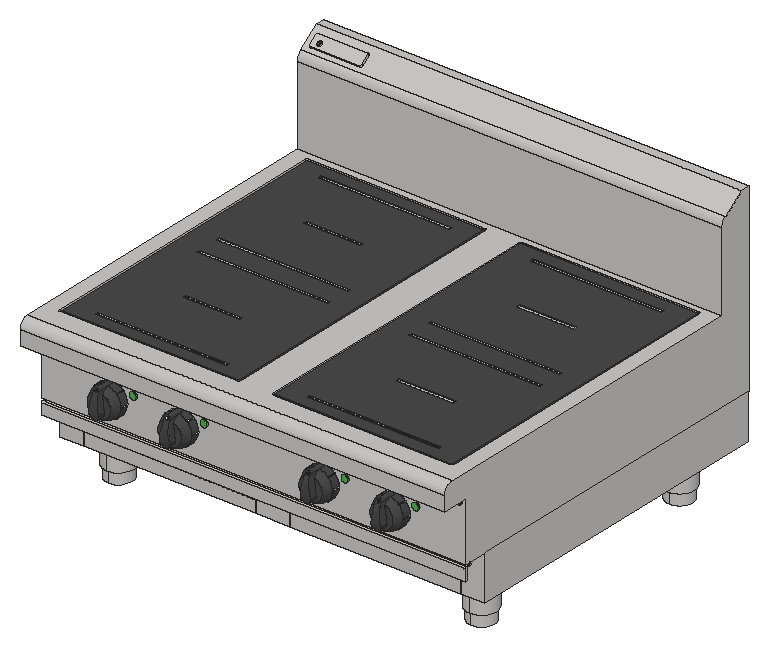
Revit family "QF_Moffat_IN8400R5-B_Induction Cooktop_cat", category Specialty Equipment, Revit 2019 (continued)
Definition of nested family "Knob"
  Forms (mm)
    Extrusion 2, solid
      sketch origin (32.5, 175.397, 1219.2) x (0, 1, 0) y (0, 0, 1)
        loop
          line (-230.696, -1208.7) -> (-219.397, -1208.7) -> (-219.397, -1161.899) -> (-202.106, -1154.2)
      from -15 to 15
    Extrusion 3, void
      sketch origin (0, 0, 0) x (1, 0, 0) y (0, 0, 1)
        loop
          line (27.501, 64.613) -> (22.02, 20.585)
          arc (22.02, 20.585) -> (32.792, 10.488) -> (42.986, 21.169) r 10.487
          line (42.986, 21.169) -> (37.499, 64.613)
          arc (37.499, 64.613) -> (32.5, 69.5) -> (27.501, 64.613) r 5
        loop
          line (10, 72.977) -> (10, 5.625) -> (55, 5.625) -> (55, 72.977) -> (10, 72.977)
      from 6.142 to 69.687
    Extrusion 4, solid
      sketch origin (0, -34.115, -16.916) x (1, 0, 0) y (0, 0.45399, 0.891007)
        loop
          circle (32.497, 65) r 2
      from 51.525 to 53.075
    Extrusion 5, solid
      sketch origin (32.5, -10, 32.5) x (0, 0, -1) y (-1, 0, 0)
        loop
          line (-23.54, -22.408) -> (-24.106, -22.974)
          arc (-24.106, -22.974) -> (-23.547, -23.547) -> (-22.974, -24.106) r 33.3
          line (-22.974, -24.106) -> (-22.408, -23.54)
          arc (-22.408, -23.54) -> (-22.981, -22.981) -> (-23.54, -22.408) r 32.5
        loop
          arc (-0.8, -33.29) -> (0, -33.3) -> (0.8, -33.29) r 33.3
          line (0.8, -33.29) -> (0.8, -32.49)
          arc (0.8, -32.49) -> (0, -32.5) -> (-0.8, -32.49) r 32.5
          line (-0.8, -32.49) -> (-0.8, -33.29)
        loop
          arc (23.54, -22.408) -> (22.981, -22.981) -> (22.408, -23.54) r 32.5
          line (22.408, -23.54) -> (22.974, -24.106)
          arc (22.974, -24.106) -> (23.547, -23.547) -> (24.106, -22.974) r 33.3
          line (24.106, -22.974) -> (23.54, -22.408)
        loop
          arc (-23.54, 22.408) -> (-22.981, 22.981) -> (-22.408, 23.54) r 32.5
          line (-22.408, 23.54) -> (-22.974, 24.106)
          arc (-22.974, 24.106) -> (-23.547, 23.547) -> (-24.106, 22.974) r 33.3
          line (-24.106, 22.974) -> (-23.54, 22.408)
        loop
          line (-0.8, 33.29) -> (-0.8, 32.49)
          arc (-0.8, 32.49) -> (0, 32.5) -> (0.8, 32.49) r 32.5
          line (0.8, 32.49) -> (0.8, 33.29)
          arc (0.8, 33.29) -> (0, 33.3) -> (-0.8, 33.29) r 33.3
        loop
          line (32.49, -0.8) -> (33.29, -0.8)
          arc (33.29, -0.8) -> (33.3, 0) -> (33.29, 0.8) r 33.3
          line (33.29, 0.8) -> (32.49, 0.8)
          arc (32.49, 0.8) -> (32.5, 0) -> (32.49, -0.8) r 32.5
        loop
          arc (24.106, 22.974) -> (23.547, 23.547) -> (22.974, 24.106) r 33.3
          line (22.974, 24.106) -> (22.408, 23.54)
          arc (22.408, 23.54) -> (22.981, 22.981) -> (23.54, 22.408) r 32.5
          line (23.54, 22.408) -> (24.106, 22.974)
      from 0 to -16.709
  Cuts and joins
    Extrusion 3 cuts Extrusion 2
  Dimensions and locks
    equal spacing: plane 3 "LEFT", plane 7 "Center Y", plane 4 "RIGHT"
    "Length": plane 3 "LEFT" to plane 4 "RIGHT"
    equal spacing: plane 5 "FRONT", plane 8 "Center X", plane 1 "BACK"
    "Depth": plane 5 "FRONT" to plane 1 "BACK"
    "Height": plane 6 "TOP" to level
    plane 4 "RIGHT" to plane 3 "LEFT" = 65 mm
    aligned and locked: level to plane 2
  Automatic sketch dimensions
    Revolve 1 sketch curve to level = 0 mm
    Revolve 1 sketch curve to plane 1 "BACK" = 0 mm  (x2)
    plane 1 "BACK" to Revolve 1 sketch curve = 10 mm
    plane 8 "Center X" to Revolve 1 sketch curve = 2.791 mm
    Revolve 1 sketch curve to plane 8 "Center X" = 14.5 mm
    level to Revolve 1 sketch curve = 7.699 mm
    level to Revolve 1 sketch curve = 27.5 mm
    Revolve 1 sketch curve to Revolve 1 sketch curve = 5 mm
    Revolve 1 sketch curve to Revolve 1 sketch curve = 35 mm
    Revolve 1 sketch curve to Revolve 1 sketch curve = 0 mm
    Extrusion 2 sketch curve to plane 6 "TOP" = 0 mm
    Extrusion 2 sketch curve to plane 5 "FRONT" = 3.702 mm
    Extrusion 2 sketch curve to plane 5 "FRONT" = 10.293 mm
    Extrusion 2 sketch curve to Extrusion 2 sketch curve = 11.298 mm
    plane 8 "Center X" to Extrusion 2 sketch curve = 2.791 mm
    plane 1 "BACK" to Extrusion 2 sketch curve = 10 mm
    Extrusion 2 sketch curve to plane 1 "BACK" = 11 mm
    Extrusion 2 sketch curve to plane 6 "TOP" = 4.5 mm
    Extrusion 2 sketch curve to plane 6 "TOP" = 12.199 mm
    level to Extrusion 2 sketch curve = 32.962 mm
    level to Extrusion 3 sketch curve = 5.625 mm
    Extrusion 3 sketch curve to plane 7 "Center Y" = 0 mm  (x2)
    Extrusion 3 sketch curve to plane 7 "Center Y" = 4.999 mm
    Extrusion 3 sketch curve to plane 7 "Center Y" = 10.48 mm
    plane 6 "TOP" to Extrusion 3 sketch curve = 3.477 mm
    plane 3 "LEFT" to Extrusion 3 sketch curve = 10 mm
    Extrusion 3 sketch curve to plane 6 "TOP" = 4.887 mm
    Extrusion 3 sketch curve to Extrusion 3 sketch curve = 4.999 mm
    plane 7 "Center Y" to Extrusion 3 sketch curve = 10.486 mm
    level to Extrusion 3 sketch curve = 20.585 mm
    Extrusion 3 sketch curve to Extrusion 3 sketch curve = 0.387 mm
    Extrusion 3 sketch curve to Extrusion 3 sketch curve = 0.113 mm
    plane 4 "RIGHT" to Extrusion 3 sketch curve = 10 mm
    Extrusion 5 sketch curve to Revolve 1 = 32.49 mm
    Revolve 1 to Extrusion 5 sketch curve = 32.49 mm
    Extrusion 5 sketch curve to Revolve 1 = 23.54 mm  (x2)
    Revolve 1 to Extrusion 5 sketch curve = 23.54 mm  (x2)
    Extrusion 5 sketch curve to Revolve 1 = 24.106 mm  (x2)
    Revolve 1 to Extrusion 5 sketch curve = 24.106 mm  (x2)
    Revolve 1 to Extrusion 5 sketch curve = 22.408 mm  (x2)
    Extrusion 5 sketch curve to Revolve 1 = 22.408 mm  (x2)
    Revolve 1 to Extrusion 5 sketch curve = 22.974 mm  (x2)
    Extrusion 5 sketch curve to Revolve 1 = 22.974 mm  (x2)
    Extrusion 5 sketch curve to Extrusion 5 sketch curve = 1.6 mm  (x2)
    Revolve 1 to Extrusion 5 sketch curve = 0.8 mm
    Extrusion 5 sketch curve to Revolve 1 = 0.8 mm
    Extrusion 4 sketch curve to plane 7 "Center Y" = 0.003 mm
    radius of Extrusion 5 sketch curve to Revolve 1 = 0 mm  (x7)
    radius of Revolve 1 to Extrusion 5 sketch curve = 0.8 mm  (x7)
    radius of Extrusion 4 sketch curve = 2 mm
Types (2, lengths in mm): name | Volts | Model | Cycle | Apparent Power
  INB8400R5-B_415/60/3 | 415 V | "IN8400R5-B" | 60 Hz | 20102.6 VA
  INB8400R5-B_400/50/3 | 400 V | "INB8400R5-B" | 50 Hz | 19376 VA
